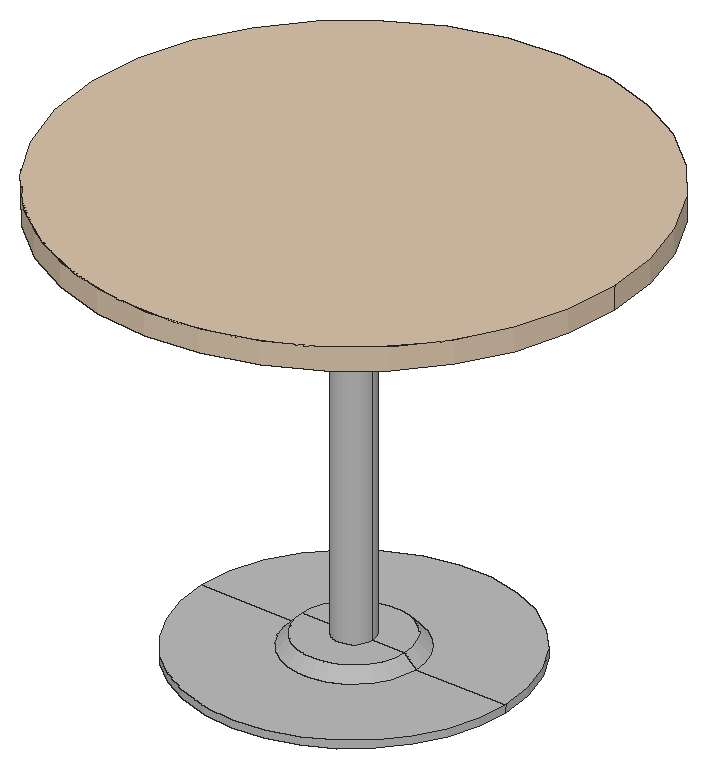
Revit family "Haworth_Masters_Table_Round", category Furniture Systems, Revit 2018
Family settings
  Round Connector Dimension = Use Diameter
  Part Type = Normal
  OmniClass Number = 23.40.70.14.64.21
  OmniClass Title = Systems Furniture
  Work Plane-Based = No
  Always vertical = Yes
  Cut with Voids When Loaded = No
  Shared = No
  Room Calculation Point = No
Parameters (values of type "36" Diameter")
  Width = 36"
  Warranty = "http://www.haworth.com/resources/product-info/warranties"
  URL - Product = "http://www.haworth.com/products/desks/freestanding/masters-series"
  URL = "http://www.haworth.com/"
  Table Thickness = 1 1/2"  # constant formula
  Table Finish = Haworth _ Wood _ White Oak
  Table Edge Finish = Haworth _ Wood _ White Oak
  Sustainability Info = "http://www.haworth.com/company-info/sustainablility"
  Model = "Haworth - Masters - Table - Round"  # constant formula
  Leg Height = Actual Height - Table Thickness  # 27 1/2"
  Disc Base Radius = if(Actual Width > 36", 13 1/2", 10 1/2")  # 10 1/2"
  Description = "Haworth - Masters - Table - Round"  # constant formula
  Size = "Verify Final Dim. w/ Haworth"  # constant formula
  Revision Number = "2"  # constant formula
  Min. Width = 30"  # constant formula
  Max. Width = 48"  # constant formula
  Min. Height = 29"  # constant formula
  Max. Height = 29"  # constant formula
  Manufacturer = "Haworth"  # constant formula
  Height = 29"  # constant formula
  Custom Size = not(or(Actual Width = 30", Actual Width = 36", Actual Width = 42", Actual Width = 48"))  # no
  Base Finish = Haworth _ Paint _ Metallic Champagne
  Author = "Haworth (Hampton)"  # constant formula
  Assembly Code = "E2020200"
  Actual Width = if(Width > Max. Width, Max. Width, if(Width < Min. Width, Min. Width, Width))  # 36"
  Actual Height = 29"  # constant formula
Reference planes (in)
  plane 1 "Center F/B": y = 5.5
  plane 2: z = 0
  plane 3 "Center L/R": x = 0
  plane 4 "Table Bottom": z = 27.5
  plane 5 "Table Top": z = 29
  plane 6 "Right": x = 18
  plane 7 "Left": x = -18
  plane 8 "Back": y = 23.5
  plane 9 "Front": y = -12.5
Dimensions and locks (in)
  "Table Thickness": plane 5 "Table Top" to plane 4 "Table Bottom"
  "Actual Height": plane 5 "Table Top" to plane 2
  equal spacing: plane 8 "Back", plane 1 "Center F/B", plane 9 "Front"
  "Actual Width": plane 8 "Back" to plane 9 "Front"
  equal spacing: plane 7 "Left", plane 3 "Center L/R", plane 6 "Right"
  "Actual Width": plane 7 "Left" to plane 6 "Right"
  aligned and locked: plane 1 "Center F/B" to nested 1
  aligned: plane 5 "Table Top" to nested 1
  aligned: nested 1 to plane 4 "Table Bottom"
  aligned and locked: plane 1 "Center F/B" to nested 2
  aligned and locked: plane 3 "Center L/R" to nested 1
  aligned and locked: plane 3 "Center L/R" to nested 2
  aligned and locked: plane 5 "Table Top" to nested 1
Nested families (in)
  nested 1: "Haworth_Worksurface-Round" at (0, 5.5, -1), type "Table"
    with Radius 18", Actual Width 36"
  nested 2: "Haworth_Leg-Disc_Base" at (0, 0, 0), type "Base"
    with Leg Height 27 1/2"
Definition of nested family "Haworth_Worksurface-Round"
  Parameters
    Warranty = ""
    URL - Product = ""
    URL = "www.haworth.com"
    Table Top Thickness = 1 1/2"
    Table Finish = none
    Table Edge Finish = none
    Sustainability Info = ""
    Size = "Verify Final Dim. w/ Haworth"  # constant formula
    Revision Number = ""
    Radius = Actual Width / 2  # 15"
    OmniClass Number = ""
    Material Options = ""
    Manufacturer = "Haworth"  # constant formula
    LEED Data = ""
    Author = "SHAPE Environments, LLC"  # constant formula
    Assembly Code = ""
    Actual Width = 30"
    Actual Height = 29"
    Actual Depth = 36"  # constant formula
  Reference planes (in)
    plane 1 "Center F/B": y = 0
    plane 2: z = 0
    plane 3 "Center L/R": x = 0
    plane 4 "Table Top": z = 29
    plane 5 "Table Bottom": z = 27.5
  Forms (in)
    Extrusion 1, solid, material <- "Table Finish"
      sketch origin (0, 0, 0) x (1, 0, 0) y (0, 1, 0)
        loop
          circle (0, 0) r 15
      from 28.5 to 30
  Lines and regions (in)
    Masking region 1
      outline origin (0, 0, 0) x (1, 0, 0) y (0, 1, 0)
        loop
          circle (0, 0) r 15
  Dimensions and locks (in)
    "Table Top Thickness": plane 4 "Table Top" to plane 5 "Table Bottom"
    "Actual Height": plane 4 "Table Top" to level
    "Radius": radius of Extrusion 1 sketch curve
    "Radius": radius of Masking region 1 sketch curve
  Automatic sketch dimensions
    plane 1 "Center F/B" to Extrusion 1 sketch curve = 0"
    Extrusion 1 sketch curve to plane 3 "Center L/R" = 0"
    plane 1 "Center F/B" to Masking region 1 sketch curve = 0"
    Masking region 1 sketch curve to plane 3 "Center L/R" = 0"
Definition of nested family "Haworth_Leg-Disc_Base"
  Parameters
    Warranty = ""
    URL - Product = ""
    URL = "www.haworth.com"
    Leg Height = 28 1/2"
    Disc Radius = 10 1/2"
    Base Finish = none
    Sustainability Info = ""
    Size = "Verify Final Dim. w/ Haworth"  # constant formula
    Revision Number = ""
    OmniClass Number = ""
    Material Options = ""
    Manufacturer = "Haworth"  # constant formula
    LEED Data = ""
    Author = "SHAPE Environments, LLC"  # constant formula
    Assembly Code = ""
  Reference planes (in)
    plane 1 "Center F/B": y = 5.5
    plane 2: z = 0
    plane 3 "Center L/R": x = 0
    plane 4 "Table Bottom": z = 28.5
  Forms (in)
    Revolve 1, solid, material <- "Base Finish"
      sketch origin (0, 5.5, 0) x (1, 0, 0) y (0, 0, 1)
        loop
          line (0, 28.5) -> (-1.28244, 28.5) -> (-1.28244, 1.25) -> (-3.53244, 1.25) -> (-4.28244, 0.5) -> (-10.5, 0.5) -> (-10.5, 0) -> (0, 0) -> (0, 28.5)
        axis (0, 28.5) -> (0, 0)
      angle from 0 to 360
  Dimensions and locks (in)
    "Disc Radius": plane 3 "Center L/R" to Revolve 1 sketch curve
    "Leg Height": plane 4 "Table Bottom" to level
    aligned and locked: Revolve 1 to plane 4 "Table Bottom"  (x2)
  Automatic sketch dimensions
    Revolve 1 sketch curve to level = 0"
    Revolve 1 sketch curve to plane 4 "Table Bottom" = 0"
    Revolve 1 sketch curve to plane 3 "Center L/R" = 0"  (x2)
    Revolve 1 sketch curve to plane 3 "Center L/R" = 1.28244"
    Revolve 1 sketch curve to Revolve 1 sketch curve = 2 1/4"
    level to Revolve 1 sketch curve = 1/2"
    Revolve 1 sketch curve to Revolve 1 sketch curve = 3/4"
    Revolve 1 sketch curve to Revolve 1 sketch curve = 6.24462"
    level to Revolve 1 sketch curve = 1 1/4"
    Revolve 1 sketch curve to Revolve 1 sketch curve = 7.21204"
